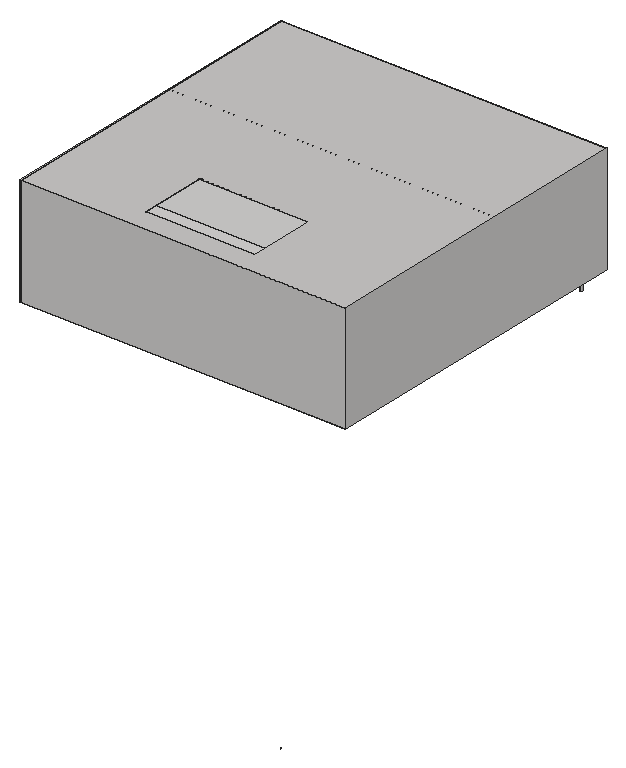
Revit family "QF_ELECTROLUXPROFESSIONAL_643320_DK1212", category Attrezzature speciali, Revit 2021
Family settings
  Quota connettore circolare = Usa diametro
  Tipo di parte = Normale
  Basato su piano di lavoro = No
  Sempre verticale = Sì
  Taglio con vuoti quando caricato = No
  Condiviso = No
  Punto di calcolo locali = No
Parameters (values of type "Standard")
  Weight = 38.00 kg
  Watts = 0 W
  Volts = 0 V
  URL Manufacturer = "https://www.electroluxprofessional.com/"
  URL = "https://www.electroluxprofessional.com/"
  Steam Supply Size = 0 mm
  Steam Supply Minimum Pressure = 0.0 Pa
  Steam Supply Maximum Pressure = 0.0 Pa
  Steam Consumption per Hour = 0
  Refrigeration Suction Line Size = 0 mm
  Refrigeration Liquid Line Size = 0 mm
  Refrigerant Compressor Remote = yes
  Prospetto di default = 0 mm
  Produttore = "Electrolux Professional"
  Phase = 0
  Modello = "DK1212"
  Length Actual = 1200 mm  # constant formula
  Item Number = "643320"
  Hot Water Size = 0 mm
  Height Actual = 400 mm  # constant formula
  HP = "0 HP"
  Gas Size = 0 mm
  Gas KW = 0
  Gas Input Pressure = 0 W
  Direct Waste Size = 0 mm
  Descrizione = "304 S/S DISHWASHER HOOD 120X120 CM"
  Depth Actual = 1200 mm  # constant formula
  Cycle = 0 Hz
  Condensate Return Size = 0 mm
  Compressed Air Volume = 0.0 L/s
  Compressed Air Size = 0 mm
  Compressed Air Pressure = 0.0 Pa
  Cold Water Size = 0 mm
  Accessory = yes
Reference planes
  plane 1: z = 0
  plane 2 "Center (Left/Right)": x = 150
  plane 3 "LEFT": x = -450
  plane 4 "RIGHT": x = 750
  plane 5 "BACK": y = 550
  plane 6 "TOP": z = 2400
  plane 7 "Base": z = 2000
  plane 8: z = 1970
  plane 9 "DrainY": y = 450
  plane 10: x = -447
  plane 11: y = -320
  plane 12: y = -570
  plane 13 "DrainX": x = 737
  plane 14 "AOLeft2": x = 350
  plane 15: x = 747
  plane 16: x = -250
  plane 17: x = 550
  plane 18 "Center (Front/Back)": y = -50
  plane 19 "Front": y = -650
  plane 20 "AOLeft1": x = -50
Forms (mm)
  Extrusion 1, solid, material "QF_Finishes_Stainless Steel"
    sketch origin (-450, 0, 360) x (0, 1, 0) y (0, 0, 1)
      loop
        line (550, 1640) -> (550, 2040) -> (-650, 2040) -> (-650, 1640) -> (550, 1640)
    from 0 to 3
  Extrusion 2, solid, material "QF_Finishes_Stainless Steel"
    sketch origin (750, 0, 360) x (0, 1, 0) y (0, 0, 1)
      loop
        line (550, 1640) -> (550, 2040) -> (-650, 2040) -> (-650, 1640) -> (550, 1640)
    from 0 to -3
  Extrusion 3, solid, material "QF_Finishes_Stainless Steel"
    sketch origin (150, 0, 360) x (0, 1, 0) y (0, 0, 1)
      loop
        line (-650, 2040) -> (-650, 1640) -> (-640, 1640) -> (-640, 1640.8) -> (-649.2, 1640.8) -> (-649.2, 2039.19) -> (549.2, 2039.19) -> (549.2, 1640.8) -> (540, 1640.8) -> (540, 1640) -> (550, 1640) -> (550, 2040) -> (-650, 2040)
    from -600 to 600
  Extrusion 4, solid, material "QF_Finishes_Stainless Steel"
    sketch origin (0, 0, 2000) x (0, 1, 0) y (-1, 0, 0)
      loop
        circle (450, -737) r 4.763
    from -30 to 0
  Extrusion 5, void
    sketch origin (0, 0, 2400) x (0, 1, 0) y (-1, 0, 0)
      loop
        line (-320, -350) -> (-320, 50) -> (-570, 50) -> (-570, -350) -> (-320, -350)
    from 0 to -10
  Extrusion 6, solid, material "QF_Finishes_Stainless Steel"
    sketch origin (0, 0, 0) x (1, 0, 0) y (0, 1, 0)
      loop
        line (-450, 550) -> (-450, 549) -> (-449, 549) -> (-449, 550) -> (-450, 550)
    from 0 to 1
  Sweep 7, solid, material "QF_Finishes_Stainless Steel"
    path origin (0, 0, 0) x (1, 0, 0) y (0, 1, 0)
      loop
        line (750, 550) -> (-450, 550) -> (-450, -650) -> (750, -650) -> (750, 550)
    profile origin (750, -50, 0) x (1, 0, 0) y (0, 0, 1)
      loop
        line (-3, 2000) -> (-3, 2000.8) -> (-19, 2000.8) -> (-19, 2010) -> (-20, 2010) -> (-20, 2000) -> (-3, 2000)
  Extrusion 8, solid, material "QF_Finishes_Stainless Steel"
    sketch origin (150, 0, 0) x (0, 1, 0) y (0, 0, 1)
      loop
        line (35, 2399.19) -> (34.2, 2399.19) -> (34.2, 2329.838) -> (-320.309, 2254.485) -> (-614.003, 2066.672) -> (-614.003, 2000.8) -> (-613.203, 2000.8) -> (-613.203, 2066.234) -> (-320, 2253.732) -> (35, 2329.19) -> (35, 2399.19)
    from -597 to 597
Cuts and joins
  Extrusion 5 cuts Extrusion 3
  joined: Extrusion 2, Extrusion 3, Sweep 7
Lines and regions (mm)
  symbolic lines, style "SpecialityEquipment", detail levels coarse
    curve 1: line (750, 550, 2400) -> (-450, 550, 2400)
    curve 2: line (-450, 550, 2400) -> (-450, -650, 2400)
    curve 3: line (750, -650, 2400) -> (750, 550, 2400)
    curve 4: line (-450, 550, 0) -> (750, -650, 0)
    curve 5: line (750, 550, 0) -> (-450, -650, 0)
    curve 6: line (-450, -650, 0) -> (750, -650, 0)
  symbolic lines, detail levels coarse
    curve 7: line (-50, -570, 0) -> (350, -570, 0)
    curve 8: line (-50, -320, 0) -> (-50, -570, 0)
    curve 9: line (350, -320, 0) -> (-50, -320, 0)
    curve 10: line (350, -570, 0) -> (350, -320, 0)
Dimensions and locks
  plane 3 "LEFT" to plane 4 "RIGHT" = 1200 mm
  equal spacing: plane 3 "LEFT", plane 2 "Center (Left/Right)", plane 4 "RIGHT"
  plane 7 "Base" to plane 8 = 30 mm
  plane 5 "BACK" to plane 9 "DrainY" = 100 mm  (x2)
  plane 3 "LEFT" to plane 10 = 3 mm
  plane 13 "DrainX" to plane 4 "RIGHT" = 13 mm
  plane 15 to plane 4 "RIGHT" = 3 mm
  plane 3 "LEFT" to plane 16 = 200 mm
  plane 17 to plane 4 "RIGHT" = 200 mm
  locked: plane 7 "Base" to level at 2000
  locked: plane 6 "TOP" to plane 7 "Base" at 400
  plane 5 "BACK" to plane 19 "Front" = 1200 mm  (x2)
  equal spacing: plane 5 "BACK", plane 18 "Center (Front/Back)", plane 19 "Front"
  plane 12 to plane 19 "Front" = 80 mm
  locked: plane 11 to plane 12 at 250
  locked: plane 20 "AOLeft1" to plane 14 "AOLeft2" at 400
  equal spacing: plane 20 "AOLeft1", plane 2 "Center (Left/Right)", plane 14 "AOLeft2"
  aligned and locked: level to plane 1
  aligned and locked: plane 4 "RIGHT" to Extrusion 3
  aligned and locked: Extrusion 3 to plane 3 "LEFT"
  aligned and locked: Extrusion 5 to plane 12
  aligned and locked: Extrusion 5 to plane 11
  aligned and locked: Extrusion 2 to plane 15
  aligned and locked: Extrusion 8 to plane 10
  aligned and locked: plane 15 to Extrusion 8
  aligned and locked: Extrusion 5 to plane 20 "AOLeft1"
  aligned and locked: Extrusion 5 to plane 14 "AOLeft2"
Automatic sketch dimensions
  Extrusion 1 sketch curve to plane 7 "Base" = 0 mm
  Extrusion 1 sketch curve to plane 19 "Front" = 0 mm
  Extrusion 1 sketch curve to plane 5 "BACK" = 0 mm
  Extrusion 1 sketch curve to plane 6 "TOP" = 0 mm
  Extrusion 2 sketch curve to plane 7 "Base" = 0 mm
  Extrusion 2 sketch curve to plane 19 "Front" = 0 mm
  Extrusion 2 sketch curve to plane 5 "BACK" = 0 mm
  Extrusion 2 sketch curve to plane 6 "TOP" = 0 mm
  Extrusion 3 sketch curve to plane 6 "TOP" = 0 mm
  Extrusion 3 sketch curve to plane 19 "Front" = 0 mm
  Extrusion 3 sketch curve to plane 7 "Base" = 0 mm  (x2)
  Extrusion 3 sketch curve to plane 5 "BACK" = 0 mm
  plane 19 "Front" to Extrusion 3 sketch curve = 0.8 mm
  Extrusion 3 sketch curve to Extrusion 3 sketch curve = 9.2 mm
  plane 7 "Base" to Extrusion 3 sketch curve = 0.8 mm  (x2)
  Extrusion 3 sketch curve to plane 5 "BACK" = 10 mm
  Extrusion 3 sketch curve to plane 5 "BACK" = 0.8 mm
  Extrusion 3 sketch curve to plane 6 "TOP" = 0.81 mm
  Extrusion 4 sketch curve to plane 9 "DrainY" = 0 mm
  Extrusion 4 sketch curve to plane 13 "DrainX" = 0 mm
  Extrusion 5 sketch curve to plane 12 = 0 mm
  plane 11 to Extrusion 5 sketch curve = 0 mm
  Extrusion 5 sketch curve to plane 14 "AOLeft2" = 0 mm
  Extrusion 5 sketch curve to plane 20 "AOLeft1" = 0 mm
  Extrusion 6 sketch curve to plane 3 "LEFT" = 0 mm
  Extrusion 6 sketch curve to plane 5 "BACK" = 0 mm
  plane 3 "LEFT" to Extrusion 6 sketch curve = 1 mm
  Extrusion 6 sketch curve to Extrusion 6 sketch curve = 1 mm
  Sweep 7 sketch curve to plane 3 "LEFT" = 0 mm
  Sweep 7 sketch curve to plane 4 "RIGHT" = 0 mm
  Sweep 7 sketch curve to plane 19 "Front" = 0 mm
  Sweep 7 sketch curve to plane 5 "BACK" = 0 mm
  profile plane to Sweep 7 sketch curve = 20 mm
  Sweep 7 sketch curve to Sweep 7 sketch curve = 1 mm
  profile plane to Sweep 7 sketch curve = 3 mm
  level to Sweep 7 sketch curve = 2000 mm
  Sweep 7 sketch curve to Sweep 7 sketch curve = 0.8 mm
  Sweep 7 sketch curve to Sweep 7 sketch curve = 9.2 mm
  curve 5 to plane 3 "LEFT" = 0 mm
  curve 4 to plane 3 "LEFT" = 0 mm
  curve 6 to plane 19 "Front" = 0 mm
  curve 5 to plane 4 "RIGHT" = 0 mm
  curve 6 to plane 4 "RIGHT" = 0 mm
  curve 5 to plane 5 "BACK" = 0 mm
  curve 4 to plane 5 "BACK" = 0 mm
  curve 2 to plane 3 "LEFT" = 0 mm
  curve 2 to plane 19 "Front" = 0 mm
  curve 3 to plane 4 "RIGHT" = 0 mm
  curve 3 to plane 19 "Front" = 0 mm
  curve 2 to plane 5 "BACK" = 0 mm
  Extrusion 8 sketch curve to plane 11 = 0 mm
  plane 11 to Extrusion 8 sketch curve = 0.309 mm
  plane 7 "Base" to Extrusion 8 sketch curve = 0.8 mm
  plane 19 "Front" to Extrusion 8 sketch curve = 36.797 mm
  Extrusion 8 sketch curve to Extrusion 8 sketch curve = 0.8 mm  (x2)
  plane 18 "Center (Front/Back)" to Extrusion 8 sketch curve = 84.2 mm
  Extrusion 8 sketch curve to Extrusion 8 sketch curve = 65.434 mm
  Extrusion 8 sketch curve to plane 6 "TOP" = 146.268 mm
  Extrusion 8 sketch curve to Extrusion 8 sketch curve = 0.752 mm
  Extrusion 8 sketch curve to plane 6 "TOP" = 70.81 mm
  Extrusion 8 sketch curve to Extrusion 8 sketch curve = 0.648 mm
  Extrusion 8 sketch curve to Extrusion 8 sketch curve = 0.438 mm
  Extrusion 8 sketch curve to plane 6 "TOP" = 0.81 mm
  curve 7 to plane 12 = 0 mm
  curve 7 to plane 20 "AOLeft1" = 0 mm
  plane 11 to curve 8 = 0 mm
  curve 9 to plane 14 "AOLeft2" = 0 mm
  radius of Extrusion 4 sketch curve = 4.763 mm
Connectors
  piping at (737, 450, 1970), diameter 9.5
    settings: on Extrusion 4, index 1, connector inside diameter 609.6 mm, connector length 0 mm, flow factor 0, pipe flow 0.0 L/s, pressure drop 0.0 Pa, fitting loss kfactor 0, connector angle 0.00°, fixture units 0, engagement length 0 mm, angle of deflection 0.00°, flow configuration 1, flow direction 2, fitting loss method 0, system type 16, joint type 0, gender type 0, connector reference index -1, connector utility 0, adjustable connector no, is connector primary yes, connector description "Drain"
  hvac at (150, -445, 2400)
    settings: on Extrusion 5, index 2, duct flow 0.0 L/s, flow factor 0, pres drop 0.0 Pa, loss coef 0, conn angle 0.00°, conn width 250 mm, conn height 400 mm, conn diameter 609.6 mm, duct sys type 3, conn prof type 1, flow config 1, flow direction 2, loss method 0, conn ref index -1, conn util no, is conn primary yes, conn desc "EXHAUST OUTLET"
